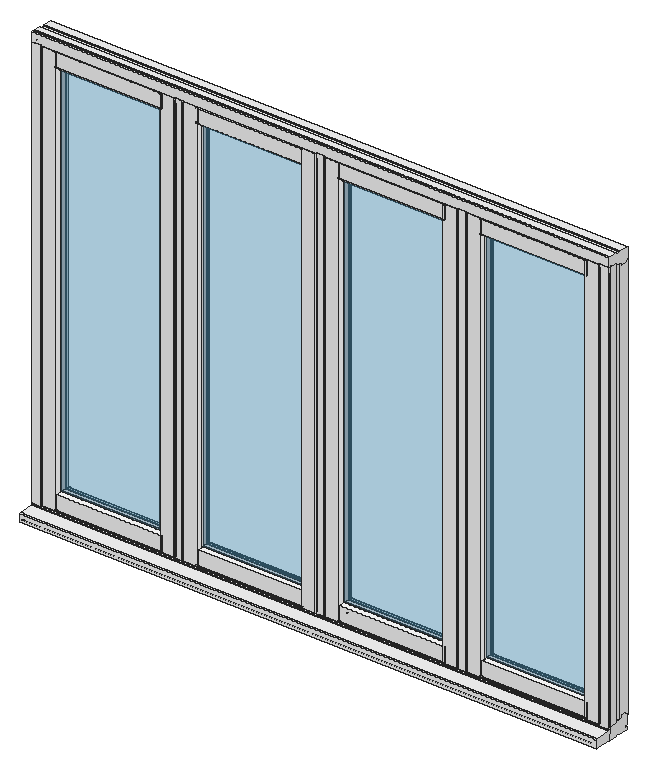
Revit family "C4", category Generic Models, Revit 2012
Parameters (values of type "Window Sill drawing")
  Width = 2358 mm
  Height = 1770 mm
  GlazingPanelMaterial = Glass
  Floor Material = White
Reference planes
  plane 1 "Center (Front/Back)": y = 0
  plane 2: z = 0
  plane 3 "Center (Left/Right)": x = 0
  plane 4: z = 33
  plane 5: x = -1328
  plane 6: x = -149
  plane 7: x = 1030
  plane 8: y = 67
  plane 9: y = -67
  plane 10: z = 1770
  plane 11: z = 117
  plane 12: x = 414
  plane 13: x = 402
  plane 14: z = 60
  plane 15: y = 16.985
  plane 16: z = 1734
  plane 17: z = 1730
  plane 18: x = -1292
  plane 19: x = -1288
  plane 20: x = -132
  plane 21: x = -136
  plane 22: x = -168
  plane 23: x = -164
  plane 24: x = -710
  plane 25: x = -714
  plane 26: z = 1255.81
  plane 27: z = 1251.81
  plane 28: z = 1228.81
  plane 29: z = 1224.81
  plane 30: x = 409.987
  plane 31: x = 994
  plane 32: x = 990
Forms (mm)
  Extrusion 1, solid, not visible
    sketch origin (0, 0, 9.375) x (0, 1, 0) y (0, 0, 1)
      loop
        line (94.662, 311.911) -> (94.314, 312.868) -> (95.314, 312.868) -> (93.454, 317.977) -> (86.115, 317.977) -> (85.011, 317.575) -> (64.143, 317.575) -> (64.143, 311.911) -> (94.662, 311.911)
    from 0 to 250
  Extrusion 2, solid, not visible
    sketch origin (0, 0, 9.375) x (0, 1, 0) y (0, 0, 1)
      loop
        line (93.688, 317.334) -> (85.92, 317.334) -> (87.101, 312.926) -> (95.293, 312.926) -> (93.688, 317.334)
      loop
        line (91.853, 322.376) -> (91.853, 328.194)
        arc (91.853, 328.194) -> (91.424, 329.231) -> (90.388, 329.66) r 1.465
        line (90.388, 329.66) -> (71.853, 329.66) -> (71.853, 322.376) -> (91.853, 322.376)
      loop
        line (73.373, 320.598) -> (64.143, 320.598) -> (64.143, 317.575) -> (73.373, 317.575) -> (73.373, 320.598)
      loop
        line (61.169, 311.884) -> (61.169, 316.884) -> (56.169, 316.884)
        arc (56.169, 316.884) -> (53.926, 317.813) -> (52.996, 320.057) r 3.173
        line (52.996, 320.057) -> (52.996, 327.594)
        arc (52.996, 327.594) -> (53.247, 329.284) -> (54.656, 330.25) r 2.138
        line (54.656, 330.25) -> (56.493, 330.25)
        arc (56.493, 330.25) -> (57.939, 329.727) -> (58.925, 328.548) r 2.95
        line (58.925, 328.548) -> (59.306, 324.922) -> (61.24, 324.922) -> (60.612, 330.901)
        arc (60.612, 330.901) -> (59.723, 332.646) -> (57.894, 333.348) r 2.733
        line (57.894, 333.348) -> (52.423, 333.348)
        arc (52.423, 333.348) -> (50.164, 330.795) -> (49.999, 327.391) r 5.139
        line (49.999, 327.391) -> (47.957, 316.884)
        arc (47.957, 316.884) -> (49.179, 314.507) -> (49.698, 311.884) r 9.583
        line (49.698, 311.884) -> (61.169, 311.884)
    from 0 to 250
  Extrusion 3, solid, not visible
    sketch origin (-848.022, -244.537, 0) x (1, 0, 0) y (0, 1, 0)
      loop
        line (-156.504, 643.402) -> (-146.504, 653.402) -> (-146.504, 655.402) -> (-162.504, 655.402) -> (-162.504, 703.402) -> (-199.504, 703.402)
        arc (-199.504, 703.402) -> (-201.625, 702.524) -> (-202.504, 700.402) r 3
        line (-202.504, 700.402) -> (-202.504, 695.402) -> (-196.504, 695.402) -> (-196.504, 692.402) -> (-202.504, 692.402) -> (-202.504, 679.402) -> (-196.504, 679.402) -> (-196.504, 667.402) -> (-202.504, 667.402) -> (-202.504, 646.402)
        arc (-202.504, 646.402) -> (-201.625, 644.281) -> (-199.504, 643.402) r 3
        line (-199.504, 643.402) -> (-156.504, 643.402)
    from 672 to 1294
  Extrusion 4, solid, not visible
    sketch origin (-848.022, -244.537, 0) x (1, 0, 0) y (0, 1, 0)
      loop
        line (-162.504, 700.402) -> (-162.504, 681.402) -> (-150.504, 681.402) -> (-150.504, 684.402) -> (-146.504, 685.402) -> (-146.504, 689.402) -> (-149.504, 689.402)
        arc (-149.504, 689.402) -> (-151.847, 695.059) -> (-157.504, 697.402) r 8
        line (-157.504, 697.402) -> (-157.504, 700.402) -> (-162.504, 700.402)
    from 672 to 1294
  Extrusion 5, solid, not visible
    sketch origin (-511.418, -643.152, -230) x (1, 0, 0) y (0, 1, 0)
      loop
        line (-200.504, 641.902) -> (-200.504, 638.902) -> (-198.254, 638.902) -> (-198.254, 634.902) -> (-195.818, 634.902) -> (-195.818, 638.902) -> (-193.504, 638.902) -> (-193.504, 641.902) -> (-195.282, 641.902) -> (-195.282, 641.116) -> (-194.482, 641.116) -> (-194.482, 639.814) -> (-199.81, 639.814) -> (-199.81, 641.116) -> (-199.01, 641.116) -> (-199.01, 641.902) -> (-200.504, 641.902)
    from 230 to 852
  Extrusion 6, solid, not visible
    sketch origin (-511.418, -643.152, -140) x (1, 0, 0) y (0, 1, 0)
      loop
        line (-194.482, 639.814) -> (-194.482, 641.116) -> (-199.81, 641.116) -> (-199.81, 639.814) -> (-194.482, 639.814)
    from 140 to 762
  Extrusion 7, solid, not visible
    sketch origin (-511.418, -643.152, 0) x (1, 0, 0) y (0, 1, 0)
      loop
        spline (-199.847, 645.779) -> (-199.478, 645.505) -> (-199.241, 645.183) -> (-199.108, 644.823) -> (-199.048, 644.431) -> (-199.033, 644.016) -> (-199.035, 643.585) -> (-199.023, 643.147) -> (-198.97, 642.709) -> (-198.847, 642.279) -> (-198.624, 641.865) -> (-198.272, 641.475) -> (-197.764, 641.116)
        line (-197.764, 641.116) -> (-196.529, 641.116)
        spline (-196.529, 641.116) -> (-195.991, 641.457) -> (-195.612, 641.839) -> (-195.363, 642.251) -> (-195.215, 642.684) -> (-195.139, 643.129) -> (-195.106, 643.577) -> (-195.086, 644.017) -> (-195.05, 644.441) -> (-194.969, 644.838) -> (-194.814, 645.2) -> (-194.556, 645.517) -> (-194.166, 645.779)
        line (-194.166, 645.779) -> (-199.847, 645.779)
    from 0 to 622
  Extrusion 8, solid, material "White" <- "Floor Material"
    sketch origin (0, -3440.583, 266.929) x (0, 1, 0) y (0, 0, 1)
      loop
        line (3451.083, 1455.128) -> (3435.083, 1455.128)
        arc (3435.083, 1455.128) -> (3433.669, 1454.542) -> (3433.083, 1453.128) r 2
        line (3433.083, 1453.128) -> (3415.083, 1453.128)
        arc (3415.083, 1453.128) -> (3414.498, 1454.542) -> (3413.083, 1455.128) r 2
        line (3413.083, 1455.128) -> (3402.083, 1455.128) -> (3402.083, 1460.128)
        arc (3402.083, 1460.128) -> (3401.205, 1462.249) -> (3399.083, 1463.128) r 3
        line (3399.083, 1463.128) -> (3397.083, 1463.128)
        arc (3397.083, 1463.128) -> (3394.962, 1462.249) -> (3394.083, 1460.128) r 3
        line (3394.083, 1460.128) -> (3394.083, 1405.128) -> (3404.083, 1395.128) -> (3406.083, 1395.128) -> (3406.083, 1411.128) -> (3454.083, 1411.128) -> (3454.083, 1452.128)
        arc (3454.083, 1452.128) -> (3453.205, 1454.249) -> (3451.083, 1455.128) r 3
    from -657.987 to -219.993
  Extrusion 9, solid, material "White" <- "Floor Material"
    sketch origin (0, -3500.599, -3.128) x (0, 1, 0) y (0, 0, 1)
      loop
        line (3457.583, 41.128) -> (3452.583, 41.128) -> (3395.213, 37.105)
        arc (3395.213, 37.105) -> (3393.335, 36.114) -> (3392.583, 34.128) r 3
        line (3392.583, 34.128) -> (3392.583, 3.128) -> (3397.583, 3.128) -> (3397.583, 5.128)
        arc (3397.583, 5.128) -> (3400.583, 8.128) -> (3403.583, 5.128) r 3
        line (3403.583, 5.128) -> (3403.583, 3.128) -> (3452.583, 3.128) -> (3452.583, 26.128) -> (3457.583, 26.128) -> (3457.583, 41.128)
    from -1328 to 1030
  Extrusion 10, solid, material "White" <- "Floor Material"
    sketch origin (0, -3500.599, -3.128) x (0, 1, 0) y (0, 0, 1)
      loop
        line (3546.583, 58.128) -> (3543.583, 58.128)
        arc (3543.583, 58.128) -> (3540.655, 65.199) -> (3533.583, 68.128) r 10
        line (3533.583, 68.128) -> (3533.583, 71.128) -> (3517.583, 71.128) -> (3517.583, 63.128) -> (3523.583, 63.128) -> (3523.583, 60.128) -> (3517.583, 60.128) -> (3517.583, 59.128) -> (3494.583, 56.128) -> (3494.583, 51.128) -> (3454.583, 46.128)
        arc (3454.583, 46.128) -> (3453.169, 45.542) -> (3452.583, 44.128) r 2
        line (3452.583, 44.128) -> (3452.583, 41.128) -> (3457.583, 41.128) -> (3457.583, 26.128) -> (3452.583, 26.128) -> (3452.583, 3.128) -> (3457.583, 3.128) -> (3457.583, 5.128)
        arc (3457.583, 5.128) -> (3460.583, 8.128) -> (3463.583, 5.128) r 3
        line (3463.583, 5.128) -> (3463.583, 3.128) -> (3489.583, 3.128) -> (3489.583, 8.128) -> (3509.583, 8.128) -> (3509.583, 3.128) -> (3546.583, 3.128) -> (3546.583, 13.128) -> (3536.583, 13.128) -> (3536.583, 23.128) -> (3546.583, 23.128) -> (3546.583, 58.128)
    from -1328 to 1030
  Sweep 11, solid, material "White" <- "Floor Material"
    path origin (0, 0, 0) x (1, 0, 0) y (0, 0, 1)
      loop
        line (-1328, 1770) -> (1030, 1770)
    profile origin (-149, 0, 1770) x (0, 0, 1) y (0, -1, 0)
      loop
        line (0, -10) -> (-5, -10) -> (-5, 10) -> (0, 10) -> (0, 36) -> (-2, 36)
        arc (-2, 36) -> (-5, 39) -> (-2, 42) r 3
        line (-2, 42) -> (0, 42) -> (0, 47) -> (-36, 47) -> (-36, 43)
        arc (-36, 43) -> (-34.834, 41.499) -> (-33, 41) r 3
        line (-33, 41) -> (-33, 34.079)
        arc (-33, 34.079) -> (-34.922, 33.441) -> (-36, 31.727) r 3
        line (-36, 31.727) -> (-36, 7) -> (-44, 7) -> (-44, -1) -> (-36, -1) -> (-36, -4) -> (-44, -4) -> (-44, -14) -> (-36, -14) -> (-36, -18) -> (-56, -18) -> (-56, -34) -> (-53, -34)
        arc (-53, -34) -> (-50.071, -41.071) -> (-43, -44) r 10
        line (-43, -44) -> (-43, -47) -> (0, -47) -> (0, -10)
  Extrusion 12, solid, material "White" <- "Floor Material"
    sketch origin (-1476.128, -3440.699, 1654.007) x (0, 1, 0) y (-1, 0, 0)
      loop
        line (3397.083, -1312.128) -> (3393.083, -1312.128) -> (3393.083, -1340.128) -> (3397.083, -1340.128)
        arc (3397.083, -1340.128) -> (3398.498, -1339.542) -> (3399.083, -1338.128) r 2
        line (3399.083, -1338.128) -> (3399.083, -1337.128) -> (3406.083, -1337.128) -> (3406.083, -1338.128)
        arc (3406.083, -1338.128) -> (3406.669, -1339.542) -> (3408.083, -1340.128) r 2
        line (3408.083, -1340.128) -> (3433.083, -1340.128) -> (3433.083, -1346.128) -> (3441.083, -1346.128) -> (3441.083, -1340.128) -> (3444.083, -1340.128) -> (3444.083, -1348.128) -> (3454.083, -1348.128) -> (3454.083, -1340.128) -> (3458.083, -1340.128) -> (3458.083, -1360.128) -> (3474.083, -1360.128) -> (3474.083, -1357.128)
        arc (3474.083, -1357.128) -> (3481.155, -1354.199) -> (3484.083, -1347.128) r 10
        line (3484.083, -1347.128) -> (3487.083, -1347.128) -> (3487.083, -1305.128) -> (3484.083, -1305.128)
        arc (3484.083, -1305.128) -> (3481.155, -1298.057) -> (3474.083, -1295.128) r 10
        line (3474.083, -1295.128) -> (3474.083, -1292.128) -> (3458.083, -1292.128) -> (3458.083, -1312.128) -> (3454.083, -1312.128) -> (3454.083, -1304.128) -> (3444.083, -1304.128) -> (3444.083, -1312.128) -> (3441.083, -1312.128) -> (3441.083, -1306.128) -> (3433.083, -1306.128) -> (3433.083, -1312.128) -> (3408.083, -1312.128)
        arc (3408.083, -1312.128) -> (3406.669, -1312.714) -> (3406.083, -1314.128) r 2
        line (3406.083, -1314.128) -> (3406.083, -1315.128) -> (3399.083, -1315.128) -> (3399.083, -1314.128)
        arc (3399.083, -1314.128) -> (3398.498, -1312.714) -> (3397.083, -1312.128) r 2
    from -1606.007 to 79.993
  Extrusion 13, solid, material "White" <- "Floor Material"
    sketch origin (-300, -3440.583, 266.927) x (0, 1, 0) y (0, 0, -1)
      loop
        arc (3451.083, -1455.128) -> (3453.205, -1454.249) -> (3454.083, -1452.128) r 3
        line (3454.083, -1452.128) -> (3454.083, -1411.128) -> (3406.083, -1411.128) -> (3406.083, -1395.128) -> (3404.083, -1395.128) -> (3394.083, -1405.128) -> (3394.083, -1460.128)
        arc (3394.083, -1460.128) -> (3394.962, -1462.249) -> (3397.083, -1463.128) r 3
        line (3397.083, -1463.128) -> (3399.083, -1463.128)
        arc (3399.083, -1463.128) -> (3401.205, -1462.249) -> (3402.083, -1460.128) r 3
        line (3402.083, -1460.128) -> (3402.083, -1455.128) -> (3413.083, -1455.128)
        arc (3413.083, -1455.128) -> (3414.498, -1454.542) -> (3415.083, -1453.128) r 2
        line (3415.083, -1453.128) -> (3433.083, -1453.128)
        arc (3433.083, -1453.128) -> (3433.669, -1454.542) -> (3435.083, -1455.128) r 2
        line (3435.083, -1455.128) -> (3451.083, -1455.128)
    from -657.92 to -220.093
  Extrusion 14, solid, material "White" <- "Floor Material"
    sketch origin (-300, -3440.199, 1515.078) x (0, 1, 0) y (0, 0, -1)
      loop
        line (3451.083, 1455.128) -> (3435.083, 1455.128)
        arc (3435.083, 1455.128) -> (3433.669, 1454.542) -> (3433.083, 1453.128) r 2
        line (3433.083, 1453.128) -> (3415.083, 1453.128)
        arc (3415.083, 1453.128) -> (3414.498, 1454.542) -> (3413.083, 1455.128) r 2
        line (3413.083, 1455.128) -> (3402.083, 1455.128) -> (3402.083, 1464.078)
        arc (3402.083, 1464.078) -> (3401.205, 1466.2) -> (3399.083, 1467.078) r 3
        line (3399.083, 1467.078) -> (3397.083, 1467.078)
        arc (3397.083, 1467.078) -> (3394.962, 1466.2) -> (3394.083, 1464.078) r 3
        line (3394.083, 1464.078) -> (3394.083, 1405.128) -> (3404.083, 1395.128) -> (3406.083, 1395.128) -> (3406.083, 1411.128) -> (3454.083, 1411.128) -> (3454.083, 1452.128)
        arc (3454.083, 1452.128) -> (3453.205, 1454.249) -> (3451.083, 1455.128) r 3
    from -657.92 to -220.093
  Extrusion 15, solid, material "White" <- "Floor Material"
    sketch origin (0, -3440.583, 1515.128) x (0, 1, 0) y (0, 0, 1)
      loop
        arc (3451.083, -1455.128) -> (3453.205, -1454.249) -> (3454.083, -1452.128) r 3
        line (3454.083, -1452.128) -> (3454.083, -1411.128) -> (3406.083, -1411.128) -> (3406.083, -1395.128) -> (3404.083, -1395.128) -> (3394.083, -1405.128) -> (3394.083, -1464.128)
        arc (3394.083, -1464.128) -> (3394.962, -1466.249) -> (3397.083, -1467.128) r 3
        line (3397.083, -1467.128) -> (3399.083, -1467.128)
        arc (3399.083, -1467.128) -> (3401.205, -1466.249) -> (3402.083, -1464.128) r 3
        line (3402.083, -1464.128) -> (3402.083, -1455.128) -> (3413.083, -1455.128)
        arc (3413.083, -1455.128) -> (3414.498, -1454.542) -> (3415.083, -1453.128) r 2
        line (3415.083, -1453.128) -> (3433.083, -1453.128)
        arc (3433.083, -1453.128) -> (3433.669, -1454.542) -> (3435.083, -1455.128) r 2
        line (3435.083, -1455.128) -> (3451.083, -1455.128)
    from -657.987 to -219.993
  Sweep 16, solid, material "White" <- "Floor Material"
    path origin (16.12, -8, -514.094) x (1, 0, 0) y (0, 0, 1)
      loop
        line (-674, 2192.141) -> (-674, 618.194) -> (-236.22, 618.194) -> (-236.22, 2192.141) -> (-674, 2192.141)
    profile origin (-438.99, -8, 1678.048) x (0, 0, 1) y (0, -1, 0)
      loop
        line (-4.893, -19) -> (0.107, -19) -> (0.107, 0) -> (-11.893, 0) -> (-11.893, -3) -> (-15.893, -4) -> (-15.893, -8) -> (-12.893, -8)
        arc (-12.893, -8) -> (-10.55, -13.657) -> (-4.893, -16) r 8
        line (-4.893, -16) -> (-4.893, -19)
  Extrusion 17, solid, material "White" <- "Floor Material"
    sketch origin (753.141, -3440.699, 1144.02) x (0, 1, 0) y (-1, 0, 0)
      loop
        line (3451.083, 1455.128) -> (3435.083, 1455.128)
        arc (3435.083, 1455.128) -> (3433.669, 1454.542) -> (3433.083, 1453.128) r 2
        line (3433.083, 1453.128) -> (3415.083, 1453.128)
        arc (3415.083, 1453.128) -> (3414.498, 1454.542) -> (3413.083, 1455.128) r 2
        line (3413.083, 1455.128) -> (3402.083, 1455.128) -> (3402.083, 1460.128)
        arc (3402.083, 1460.128) -> (3401.205, 1462.249) -> (3399.083, 1463.128) r 3
        line (3399.083, 1463.128) -> (3397.083, 1463.128)
        arc (3397.083, 1463.128) -> (3394.962, 1462.249) -> (3394.083, 1460.128) r 3
        line (3394.083, 1460.128) -> (3394.083, 1405.128) -> (3404.083, 1395.128) -> (3406.083, 1395.128) -> (3406.083, 1411.128) -> (3454.083, 1411.128) -> (3454.083, 1452.128)
        arc (3454.083, 1452.128) -> (3453.205, 1454.249) -> (3451.083, 1455.128) r 3
    from -1096.143 to 586.038
  Extrusion 18, solid, material "White" <- "Floor Material"
    sketch origin (-1521.128, -3440.699, 1144.02) x (0, 1, 0) y (-1, 0, 0)
      loop
        arc (3451.083, -1345.128) -> (3453.205, -1344.249) -> (3454.083, -1342.128) r 3
        line (3454.083, -1342.128) -> (3454.083, -1301.128) -> (3406.083, -1301.128) -> (3406.083, -1285.128) -> (3404.083, -1285.128) -> (3394.083, -1295.128) -> (3394.083, -1350.128)
        arc (3394.083, -1350.128) -> (3394.962, -1352.249) -> (3397.083, -1353.128) r 3
        line (3397.083, -1353.128) -> (3399.083, -1353.128)
        arc (3399.083, -1353.128) -> (3401.205, -1352.249) -> (3402.083, -1350.128) r 3
        line (3402.083, -1350.128) -> (3402.083, -1345.128) -> (3413.083, -1345.128)
        arc (3413.083, -1345.128) -> (3414.498, -1344.542) -> (3415.083, -1343.128) r 2
        line (3415.083, -1343.128) -> (3433.083, -1343.128)
        arc (3433.083, -1343.128) -> (3433.669, -1344.542) -> (3435.083, -1345.128) r 2
        line (3435.083, -1345.128) -> (3451.083, -1345.128)
    from -1096.02 to 586.038
  Extrusion 19, solid, material "Glass"
    sketch origin (2388.494, -1584.07, -509.987) x (1, 0, 0) y (0, 1, 0)
      loop
        line (-3042.481, 1575.085) -> (-3042.481, 1571.085) -> (-2608.487, 1571.085) -> (-2608.487, 1575.085) -> (-3042.481, 1575.085)
      loop
        line (-3042.481, 1555.085) -> (-3042.481, 1551.085) -> (-2608.487, 1551.085) -> (-2608.487, 1555.085) -> (-3042.481, 1555.085)
    from 617.987 to 2172.044
  Sweep 20, solid
    path origin (16.013, -20.977, -513.987) x (1, 0, 0) y (0, 0, 1)
      loop
        line (-670, 2191.534) -> (-670, 621.987) -> (-240.006, 621.987) -> (-240.006, 2191.534) -> (-670, 2191.534)
    profile origin (-438.99, -20.977, 1677.548) x (0, 0, 1) y (0, -1, 0)
      loop
        line (0, -8) -> (0, 8) -> (-10, 8) -> (-10, -8) -> (0, -8)
  Sweep 21, solid, material "White" <- "Floor Material"
    path origin (593.813, -8, -514.094) x (1, 0, 0) y (0, 0, 1)
      loop
        line (-673.613, 2191.534) -> (-673.613, 618.194) -> (-236, 618.194) -> (-236, 2191.534) -> (-673.613, 2191.534)
    profile origin (139.007, -8, 1677.441) x (0, 0, 1) y (0, -1, 0)
      loop
        line (-4.893, -19) -> (0.107, -19) -> (0.107, 0) -> (-11.893, 0) -> (-11.893, -3) -> (-15.893, -4) -> (-15.893, -8) -> (-12.893, -8)
        arc (-12.893, -8) -> (-10.55, -13.657) -> (-4.893, -16) r 8
        line (-4.893, -16) -> (-4.893, -19)
  Extrusion 22, solid, material "Glass"
    sketch origin (2966.187, -1584.07, -509.987) x (1, 0, 0) y (0, 1, 0)
      loop
        line (-3041.094, 1575.085) -> (-3041.094, 1571.085) -> (-2612.267, 1571.085) -> (-2612.267, 1575.085) -> (-3041.094, 1575.085)
      loop
        line (-3041.96, 1555.085) -> (-3041.96, 1551.085) -> (-2612.267, 1551.085) -> (-2612.267, 1555.085) -> (-3041.96, 1555.085)
    from 617.987 to 2182.534
  Sweep 23, solid
    path origin (593.706, -20.977, -513.987) x (1, 0, 0) y (0, 0, 1)
      loop
        line (-669.479, 2187.987) -> (-669.479, 621.987) -> (-239.786, 621.987) -> (-239.786, 2187.987) -> (-669.479, 2187.987)
    profile origin (139.074, -20.977, 1674) x (0, 0, 1) y (0, -1, 0)
      loop
        line (0, -8) -> (0, 8) -> (-10, 8) -> (-10, -8) -> (0, -8)
  Extrusion 24, solid, material "White" <- "Floor Material"
    sketch origin (-578, -3440.583, 266.929) x (0, 1, 0) y (0, 0, 1)
      loop
        line (3451.083, 1455.128) -> (3435.083, 1455.128)
        arc (3435.083, 1455.128) -> (3433.669, 1454.542) -> (3433.083, 1453.128) r 2
        line (3433.083, 1453.128) -> (3415.083, 1453.128)
        arc (3415.083, 1453.128) -> (3414.498, 1454.542) -> (3413.083, 1455.128) r 2
        line (3413.083, 1455.128) -> (3402.083, 1455.128) -> (3402.083, 1460.128)
        arc (3402.083, 1460.128) -> (3401.205, 1462.249) -> (3399.083, 1463.128) r 3
        line (3399.083, 1463.128) -> (3397.083, 1463.128)
        arc (3397.083, 1463.128) -> (3394.962, 1462.249) -> (3394.083, 1460.128) r 3
        line (3394.083, 1460.128) -> (3394.083, 1405.128) -> (3404.083, 1395.128) -> (3406.083, 1395.128) -> (3406.083, 1411.128) -> (3454.083, 1411.128) -> (3454.083, 1452.128)
        arc (3454.083, 1452.128) -> (3453.205, 1454.249) -> (3451.083, 1455.128) r 3
    from -657.987 to -219.993
  Sweep 25, solid, material "White" <- "Floor Material"
    path origin (-561.88, -8, -4.107) x (1, 0, 0) y (0, 0, 1)
      loop
        line (-674, 1682.007) -> (-674, 108.207) -> (-236.22, 108.207) -> (-236.22, 1682.007) -> (-674, 1682.007)
    profile origin (-1016.99, -8, 1677.9) x (0, 0, 1) y (0, -1, 0)
      loop
        line (-4.893, -19) -> (0.107, -19) -> (0.107, 0) -> (-11.893, 0) -> (-11.893, -3) -> (-15.893, -4) -> (-15.893, -8) -> (-12.893, -8)
        arc (-12.893, -8) -> (-10.55, -13.657) -> (-4.893, -16) r 8
        line (-4.893, -16) -> (-4.893, -19)
  Extrusion 26, solid, material "Glass"
    sketch origin (1810.494, -1584.07, 280) x (1, 0, 0) y (0, 1, 0)
      loop
        line (-3042.481, 1575.085) -> (-3042.481, 1571.085) -> (-2613.487, 1571.085) -> (-2613.487, 1575.085) -> (-3042.481, 1575.085)
      loop
        line (-3042.481, 1555.085) -> (-3042.481, 1551.085) -> (-2613.487, 1551.085) -> (-2613.487, 1555.085) -> (-3042.481, 1555.085)
    from -172.007 to 1393.007
  Sweep 27, solid
    path origin (-561.987, -20.977, 276) x (1, 0, 0) y (0, 0, 1)
      loop
        line (-670, 1398.057) -> (-670, -168.007) -> (-240.013, -168.007) -> (-240.013, 1398.057) -> (-670, 1398.057)
    profile origin (-1016.993, -20.977, 1674.057) x (0, 0, 1) y (0, -1, 0)
      loop
        line (0, -8) -> (0, 8) -> (-10, 8) -> (-10, -8) -> (0, -8)
  Extrusion 28, solid, material "White" <- "Floor Material"
    sketch origin (-2054.128, -3440.699, 1654.007) x (0, 1, 0) y (-1, 0, 0)
      loop
        line (3397.083, -1312.128) -> (3393.083, -1312.128) -> (3393.083, -1340.128) -> (3397.083, -1340.128)
        arc (3397.083, -1340.128) -> (3398.498, -1339.542) -> (3399.083, -1338.128) r 2
        line (3399.083, -1338.128) -> (3399.083, -1337.128) -> (3406.083, -1337.128) -> (3406.083, -1338.128)
        arc (3406.083, -1338.128) -> (3406.669, -1339.542) -> (3408.083, -1340.128) r 2
        line (3408.083, -1340.128) -> (3433.083, -1340.128) -> (3433.083, -1346.128) -> (3441.083, -1346.128) -> (3441.083, -1340.128) -> (3444.083, -1340.128) -> (3444.083, -1348.128) -> (3454.083, -1348.128) -> (3454.083, -1340.128) -> (3458.083, -1340.128) -> (3458.083, -1360.128) -> (3474.083, -1360.128) -> (3474.083, -1357.128)
        arc (3474.083, -1357.128) -> (3481.155, -1354.199) -> (3484.083, -1347.128) r 10
        line (3484.083, -1347.128) -> (3487.083, -1347.128) -> (3487.083, -1305.128) -> (3484.083, -1305.128)
        arc (3484.083, -1305.128) -> (3481.155, -1298.057) -> (3474.083, -1295.128) r 10
        line (3474.083, -1295.128) -> (3474.083, -1292.128) -> (3458.083, -1292.128) -> (3458.083, -1312.128) -> (3454.083, -1312.128) -> (3454.083, -1304.128) -> (3444.083, -1304.128) -> (3444.083, -1312.128) -> (3441.083, -1312.128) -> (3441.083, -1306.128) -> (3433.083, -1306.128) -> (3433.083, -1312.128) -> (3408.083, -1312.128)
        arc (3408.083, -1312.128) -> (3406.669, -1312.714) -> (3406.083, -1314.128) r 2
        line (3406.083, -1314.128) -> (3406.083, -1315.128) -> (3399.083, -1315.128) -> (3399.083, -1314.128)
        arc (3399.083, -1314.128) -> (3398.498, -1312.714) -> (3397.083, -1312.128) r 2
    from -1606.007 to 79.993
  Extrusion 29, solid, material "White" <- "Floor Material"
    sketch origin (-578, -3440.583, 1515.128) x (0, 1, 0) y (0, 0, 1)
      loop
        arc (3451.083, -1455.128) -> (3453.205, -1454.249) -> (3454.083, -1452.128) r 3
        line (3454.083, -1452.128) -> (3454.083, -1411.128) -> (3406.083, -1411.128) -> (3406.083, -1395.128) -> (3404.083, -1395.128) -> (3394.083, -1405.128) -> (3394.083, -1464.128)
        arc (3394.083, -1464.128) -> (3394.962, -1466.249) -> (3397.083, -1467.128) r 3
        line (3397.083, -1467.128) -> (3399.083, -1467.128)
        arc (3399.083, -1467.128) -> (3401.205, -1466.249) -> (3402.083, -1464.128) r 3
        line (3402.083, -1464.128) -> (3402.083, -1455.128) -> (3413.083, -1455.128)
        arc (3413.083, -1455.128) -> (3414.498, -1454.542) -> (3415.083, -1453.128) r 2
        line (3415.083, -1453.128) -> (3433.083, -1453.128)
        arc (3433.083, -1453.128) -> (3433.669, -1454.542) -> (3435.083, -1455.128) r 2
        line (3435.083, -1455.128) -> (3451.083, -1455.128)
    from -657.987 to -219.993
  Sweep 30, solid, material "White" <- "Floor Material"
    path origin (442, 0, 406) x (0, 0, -1) y (1, 0, 0)
      loop
        line (-1328, -1770) -> (406, -1770)
    profile origin (-1328, 0, 867) x (0, -1, 0) y (1, 0, 0)
      loop
        line (-10, 0) -> (-10, 5) -> (10, 5) -> (10, 0) -> (36, 0) -> (36, 2)
        arc (36, 2) -> (39, 5) -> (42, 2) r 3
        line (42, 2) -> (42, 0) -> (47, 0) -> (47, 36) -> (43, 36)
        arc (43, 36) -> (41.499, 34.834) -> (41, 33) r 3
        line (41, 33) -> (34.079, 33)
        arc (34.079, 33) -> (33.441, 34.922) -> (31.727, 36) r 3
        line (31.727, 36) -> (7, 36) -> (7, 44) -> (-1, 44) -> (-1, 36) -> (-4, 36) -> (-4, 44) -> (-14, 44) -> (-14, 36) -> (-18, 36) -> (-18, 56) -> (-34, 56) -> (-34, 53)
        arc (-34, 53) -> (-41.071, 50.071) -> (-44, 43) r 10
        line (-44, 43) -> (-47, 43) -> (-47, 0) -> (-10, 0)
  Sweep 31, solid, material "White" <- "Floor Material"
    path origin (-1320, 0, 406) x (0, 0, -1) y (1, 0, 0)
      loop
        line (-1328, 2350) -> (406, 2350)
    profile origin (1030, 0, 867) x (0, -1, 0) y (1, 0, 0)
      loop
        line (-10, 0) -> (-47, 0) -> (-47, -43) -> (-44, -43)
        arc (-44, -43) -> (-41.071, -50.071) -> (-34, -53) r 10
        line (-34, -53) -> (-34, -56) -> (-18, -56) -> (-18, -36) -> (-14, -36) -> (-14, -44) -> (-4, -44) -> (-4, -36) -> (-1, -36) -> (-1, -44) -> (7, -44) -> (7, -36) -> (31.727, -36)
        arc (31.727, -36) -> (33.441, -34.922) -> (34.079, -33) r 3
        line (34.079, -33) -> (41, -33)
        arc (41, -33) -> (41.499, -34.834) -> (43, -36) r 3
        line (43, -36) -> (47, -36) -> (47, 0) -> (42, 0) -> (42, -2)
        arc (42, -2) -> (39, -5) -> (36, -2) r 3
        line (36, -2) -> (36, 0) -> (10, 0) -> (10, -5) -> (-10, -5) -> (-10, 0)
  Sweep 32, void
    path origin (0, 0, 0) x (1, 0, 0) y (0, 1, 0)
      loop
        line (-1328, -1.015) -> (1030, -1.015)
    profile origin (-149, -1.015, 0) x (0, 1, 0) y (0, 0, 1)
      loop
        line (47, 55) -> (44, 55)
        arc (44, 55) -> (41.071, 62.071) -> (34, 65) r 10
        line (34, 65) -> (34, 68) -> (18, 68) -> (18, 60) -> (24, 60) -> (24, 57) -> (18, 57) -> (18, 56) -> (-5, 53) -> (-5, 48) -> (-45, 43)
        arc (-45, 43) -> (-46.414, 42.414) -> (-47, 41) r 2
        line (-47, 41) -> (-47, 38) -> (-79.364, 33.978) -> (-104.37, 30.977) -> (-129.37, 27.977)
        arc (-129.37, 27.977) -> (-131.248, 26.986) -> (-132, 25) r 3
        line (-132, 25) -> (-132, -5) -> (58, -5) -> (58, 55) -> (47, 55)
  Extrusion 33, solid, material "White" <- "Floor Material"
    sketch origin (-943.141, -3440.699, 1144.02) x (0, 1, 0) y (-1, 0, 0)
      loop
        arc (3451.083, -1345.128) -> (3453.205, -1344.249) -> (3454.083, -1342.128) r 3
        line (3454.083, -1342.128) -> (3454.083, -1301.128) -> (3406.083, -1301.128) -> (3406.083, -1285.128) -> (3404.083, -1285.128) -> (3394.083, -1295.128) -> (3394.083, -1350.128)
        arc (3394.083, -1350.128) -> (3394.962, -1352.249) -> (3397.083, -1353.128) r 3
        line (3397.083, -1353.128) -> (3399.083, -1353.128)
        arc (3399.083, -1353.128) -> (3401.205, -1352.249) -> (3402.083, -1350.128) r 3
        line (3402.083, -1350.128) -> (3402.083, -1345.128) -> (3413.083, -1345.128)
        arc (3413.083, -1345.128) -> (3414.498, -1344.542) -> (3415.083, -1343.128) r 2
        line (3415.083, -1343.128) -> (3433.083, -1343.128)
        arc (3433.083, -1343.128) -> (3433.669, -1344.542) -> (3435.083, -1345.128) r 2
        line (3435.083, -1345.128) -> (3451.083, -1345.128)
    from -1096.02 to 586.036
  Extrusion 34, solid, material "White" <- "Floor Material"
    sketch origin (1220.9, -3440.699, 1144.02) x (0, 1, 0) y (-1, 0, 0)
      loop
        line (3451.083, 1345.128) -> (3435.083, 1345.128)
        arc (3435.083, 1345.128) -> (3433.669, 1344.542) -> (3433.083, 1343.128) r 2
        line (3433.083, 1343.128) -> (3415.083, 1343.128)
        arc (3415.083, 1343.128) -> (3414.498, 1344.542) -> (3413.083, 1345.128) r 2
        line (3413.083, 1345.128) -> (3402.083, 1345.128) -> (3402.083, 1350.128)
        arc (3402.083, 1350.128) -> (3401.205, 1352.249) -> (3399.083, 1353.128) r 3
        line (3399.083, 1353.128) -> (3397.083, 1353.128)
        arc (3397.083, 1353.128) -> (3394.962, 1352.249) -> (3394.083, 1350.128) r 3
        line (3394.083, 1350.128) -> (3394.083, 1295.128) -> (3404.083, 1285.128) -> (3406.083, 1285.128) -> (3406.083, 1301.128) -> (3454.083, 1301.128) -> (3454.083, 1342.128)
        arc (3454.083, 1342.128) -> (3453.205, 1344.249) -> (3451.083, 1345.128) r 3
    from -1096.02 to 586.038
  Extrusion 35, solid, material "White" <- "Floor Material"
    sketch origin (65.141, -3440.699, 1144.02) x (0, 1, 0) y (-1, 0, 0)
      loop
        line (3451.083, 1345.128) -> (3435.083, 1345.128)
        arc (3435.083, 1345.128) -> (3433.669, 1344.542) -> (3433.083, 1343.128) r 2
        line (3433.083, 1343.128) -> (3415.083, 1343.128)
        arc (3415.083, 1343.128) -> (3414.498, 1344.542) -> (3413.083, 1345.128) r 2
        line (3413.083, 1345.128) -> (3402.083, 1345.128) -> (3402.083, 1350.128)
        arc (3402.083, 1350.128) -> (3401.205, 1352.249) -> (3399.083, 1353.128) r 3
        line (3399.083, 1353.128) -> (3397.083, 1353.128)
        arc (3397.083, 1353.128) -> (3394.962, 1352.249) -> (3394.083, 1350.128) r 3
        line (3394.083, 1350.128) -> (3394.083, 1295.128) -> (3404.083, 1285.128) -> (3406.083, 1285.128) -> (3406.083, 1301.128) -> (3454.083, 1301.128) -> (3454.083, 1342.128)
        arc (3454.083, 1342.128) -> (3453.205, 1344.249) -> (3451.083, 1345.128) r 3
    from -1096.02 to 586.038
  Extrusion 36, solid, material "White" <- "Floor Material"
    sketch origin (-2098.9, -3440.699, 1144.02) x (0, 1, 0) y (-1, 0, 0)
      loop
        arc (3451.083, -1345.128) -> (3453.205, -1344.249) -> (3454.083, -1342.128) r 3
        line (3454.083, -1342.128) -> (3454.083, -1301.128) -> (3406.083, -1301.128) -> (3406.083, -1285.128) -> (3404.083, -1285.128) -> (3394.083, -1295.128) -> (3394.083, -1350.128)
        arc (3394.083, -1350.128) -> (3394.962, -1352.249) -> (3397.083, -1353.128) r 3
        line (3397.083, -1353.128) -> (3399.083, -1353.128)
        arc (3399.083, -1353.128) -> (3401.205, -1352.249) -> (3402.083, -1350.128) r 3
        line (3402.083, -1350.128) -> (3402.083, -1345.128) -> (3413.083, -1345.128)
        arc (3413.083, -1345.128) -> (3414.498, -1344.542) -> (3415.083, -1343.128) r 2
        line (3415.083, -1343.128) -> (3433.083, -1343.128)
        arc (3433.083, -1343.128) -> (3433.669, -1344.542) -> (3435.083, -1345.128) r 2
        line (3435.083, -1345.128) -> (3451.083, -1345.128)
    from -1096.02 to 586.038
  Extrusion 37, solid, material "White" <- "Floor Material"
    sketch origin (280.013, -3440.583, 266.874) x (0, 1, 0) y (0, 0, -1)
      loop
        arc (3451.083, -1455.128) -> (3453.205, -1454.249) -> (3454.083, -1452.128) r 3
        line (3454.083, -1452.128) -> (3454.083, -1411.128) -> (3406.083, -1411.128) -> (3406.083, -1395.128) -> (3404.083, -1395.128) -> (3394.083, -1405.128) -> (3394.083, -1460.128)
        arc (3394.083, -1460.128) -> (3394.962, -1462.249) -> (3397.083, -1463.128) r 3
        line (3397.083, -1463.128) -> (3399.083, -1463.128)
        arc (3399.083, -1463.128) -> (3401.205, -1462.249) -> (3402.083, -1460.128) r 3
        line (3402.083, -1460.128) -> (3402.083, -1455.128) -> (3413.083, -1455.128)
        arc (3413.083, -1455.128) -> (3414.498, -1454.542) -> (3415.083, -1453.128) r 2
        line (3415.083, -1453.128) -> (3433.083, -1453.128)
        arc (3433.083, -1453.128) -> (3433.669, -1454.542) -> (3435.083, -1455.128) r 2
        line (3435.083, -1455.128) -> (3451.083, -1455.128)
    from -657.92 to -220.093
  Extrusion 38, solid, material "White" <- "Floor Material"
    sketch origin (280.013, -3440.199, 1515.078) x (0, 1, 0) y (0, 0, -1)
      loop
        line (3451.083, 1455.128) -> (3435.083, 1455.128)
        arc (3435.083, 1455.128) -> (3433.669, 1454.542) -> (3433.083, 1453.128) r 2
        line (3433.083, 1453.128) -> (3415.083, 1453.128)
        arc (3415.083, 1453.128) -> (3414.498, 1454.542) -> (3413.083, 1455.128) r 2
        line (3413.083, 1455.128) -> (3402.083, 1455.128) -> (3402.083, 1464.078)
        arc (3402.083, 1464.078) -> (3401.205, 1466.2) -> (3399.083, 1467.078) r 3
        line (3399.083, 1467.078) -> (3397.083, 1467.078)
        arc (3397.083, 1467.078) -> (3394.962, 1466.2) -> (3394.083, 1464.078) r 3
        line (3394.083, 1464.078) -> (3394.083, 1405.128) -> (3404.083, 1395.128) -> (3406.083, 1395.128) -> (3406.083, 1411.128) -> (3454.083, 1411.128) -> (3454.083, 1452.128)
        arc (3454.083, 1452.128) -> (3453.205, 1454.249) -> (3451.083, 1455.128) r 3
    from -657.92 to -219.773
  Sweep 39, solid, material "White" <- "Floor Material"
    path origin (1173.827, -8, -514.094) x (1, 0, 0) y (0, 0, 1)
      loop
        line (-673.613, 2191.534) -> (-673.613, 618.194) -> (-236, 618.194) -> (-236, 2191.534) -> (-673.613, 2191.534)
    profile origin (719.02, -8, 1677.441) x (0, 0, 1) y (0, -1, 0)
      loop
        line (-4.893, -19) -> (0.107, -19) -> (0.107, 0) -> (-11.893, 0) -> (-11.893, -3) -> (-15.893, -4) -> (-15.893, -8) -> (-12.893, -8)
        arc (-12.893, -8) -> (-10.55, -13.657) -> (-4.893, -16) r 8
        line (-4.893, -16) -> (-4.893, -19)
  Extrusion 40, solid, material "Glass"
    sketch origin (3546.201, -1584.07, -509.987) x (1, 0, 0) y (0, 1, 0)
      loop
        line (-3041.094, 1575.085) -> (-3041.094, 1571.085) -> (-2612.267, 1571.085) -> (-2612.267, 1575.085) -> (-3041.094, 1575.085)
      loop
        line (-3041.96, 1555.085) -> (-3041.96, 1551.085) -> (-2612.267, 1551.085) -> (-2612.267, 1555.085) -> (-3041.96, 1555.085)
    from 617.987 to 2182.534
  Sweep 41, solid
    path origin (1173.72, -20.977, -513.987) x (1, 0, 0) y (0, 0, 1)
      loop
        line (-669.479, 2187.987) -> (-669.479, 621.987) -> (-239.786, 621.987) -> (-239.786, 2187.987) -> (-669.479, 2187.987)
    profile origin (719.087, -20.977, 1674) x (0, 0, 1) y (0, -1, 0)
      loop
        line (0, -8) -> (0, 8) -> (-10, 8) -> (-10, -8) -> (0, -8)
  Extrusion 42, solid, material "White" <- "Floor Material"
    sketch origin (-363.128, -3440.699, 1144.02) x (0, 1, 0) y (-1, 0, 0)
      loop
        arc (3451.083, -1345.128) -> (3453.205, -1344.249) -> (3454.083, -1342.128) r 3
        line (3454.083, -1342.128) -> (3454.083, -1301.128) -> (3406.083, -1301.128) -> (3406.083, -1285.128) -> (3404.083, -1285.128) -> (3394.083, -1295.128) -> (3394.083, -1350.128)
        arc (3394.083, -1350.128) -> (3394.962, -1352.249) -> (3397.083, -1353.128) r 3
        line (3397.083, -1353.128) -> (3399.083, -1353.128)
        arc (3399.083, -1353.128) -> (3401.205, -1352.249) -> (3402.083, -1350.128) r 3
        line (3402.083, -1350.128) -> (3402.083, -1345.128) -> (3413.083, -1345.128)
        arc (3413.083, -1345.128) -> (3414.498, -1344.542) -> (3415.083, -1343.128) r 2
        line (3415.083, -1343.128) -> (3433.083, -1343.128)
        arc (3433.083, -1343.128) -> (3433.669, -1344.542) -> (3435.083, -1345.128) r 2
        line (3435.083, -1345.128) -> (3451.083, -1345.128)
    from -1096.02 to 585.98
  Extrusion 43, solid, material "White" <- "Floor Material"
    sketch origin (1800.914, -3440.699, 1144.02) x (0, 1, 0) y (-1, 0, 0)
      loop
        line (3451.083, 1345.128) -> (3435.083, 1345.128)
        arc (3435.083, 1345.128) -> (3433.669, 1344.542) -> (3433.083, 1343.128) r 2
        line (3433.083, 1343.128) -> (3415.083, 1343.128)
        arc (3415.083, 1343.128) -> (3414.498, 1344.542) -> (3413.083, 1345.128) r 2
        line (3413.083, 1345.128) -> (3402.083, 1345.128) -> (3402.083, 1350.128)
        arc (3402.083, 1350.128) -> (3401.205, 1352.249) -> (3399.083, 1353.128) r 3
        line (3399.083, 1353.128) -> (3397.083, 1353.128)
        arc (3397.083, 1353.128) -> (3394.962, 1352.249) -> (3394.083, 1350.128) r 3
        line (3394.083, 1350.128) -> (3394.083, 1295.128) -> (3404.083, 1285.128) -> (3406.083, 1285.128) -> (3406.083, 1301.128) -> (3454.083, 1301.128) -> (3454.083, 1342.128)
        arc (3454.083, 1342.128) -> (3453.205, 1344.249) -> (3451.083, 1345.128) r 3
    from -1096.02 to 585.98
  Extrusion 44, solid, material "White" <- "Floor Material"
    sketch origin (1756.128, -3440.699, 1654.007) x (0, 1, 0) y (-1, 0, 0)
      loop
        arc (3397.083, 1312.128) -> (3398.498, 1312.714) -> (3399.083, 1314.128) r 2
        line (3399.083, 1314.128) -> (3399.083, 1315.128) -> (3406.083, 1315.128) -> (3406.083, 1314.128)
        arc (3406.083, 1314.128) -> (3406.669, 1312.714) -> (3408.083, 1312.128) r 2
        line (3408.083, 1312.128) -> (3433.083, 1312.128) -> (3433.083, 1306.128) -> (3441.083, 1306.128) -> (3441.083, 1312.128) -> (3444.083, 1312.128) -> (3444.083, 1304.128) -> (3454.083, 1304.128) -> (3454.083, 1312.128) -> (3458.083, 1312.128) -> (3458.083, 1292.128) -> (3474.083, 1292.128) -> (3474.083, 1295.128)
        arc (3474.083, 1295.128) -> (3481.155, 1298.057) -> (3484.083, 1305.128) r 10
        line (3484.083, 1305.128) -> (3487.083, 1305.128) -> (3487.083, 1347.128) -> (3484.083, 1347.128)
        arc (3484.083, 1347.128) -> (3481.155, 1354.199) -> (3474.083, 1357.128) r 10
        line (3474.083, 1357.128) -> (3474.083, 1360.128) -> (3458.083, 1360.128) -> (3458.083, 1340.128) -> (3454.083, 1340.128) -> (3454.083, 1348.128) -> (3444.083, 1348.128) -> (3444.083, 1340.128) -> (3441.083, 1340.128) -> (3441.083, 1346.128) -> (3433.083, 1346.128) -> (3433.083, 1340.128) -> (3408.083, 1340.128)
        arc (3408.083, 1340.128) -> (3406.669, 1339.542) -> (3406.083, 1338.128) r 2
        line (3406.083, 1338.128) -> (3406.083, 1337.128) -> (3399.083, 1337.128) -> (3399.083, 1338.128)
        arc (3399.083, 1338.128) -> (3398.498, 1339.542) -> (3397.083, 1340.128) r 2
        line (3397.083, 1340.128) -> (3393.083, 1340.128) -> (3393.083, 1312.128) -> (3397.083, 1312.128)
    from -1606.007 to 79.993
Cuts and joins
  Sweep 32 cuts Extrusion 12
  Sweep 32 cuts Extrusion 18
  Sweep 32 cuts Extrusion 28
  Sweep 32 cuts Sweep 30
  Sweep 32 cuts Sweep 31
Dimensions and locks
  plane 11 to level = 117 mm
  "Height": plane 10 to level
  "Width": plane 5 to plane 7
  plane 5 to plane 7 = 2358 mm
  plane 14 to level = 60 mm
  plane 10 to plane 16 = 36 mm
  equal spacing: plane 5, plane 6, plane 7
  aligned and locked: level to plane 2
  aligned and locked: Sweep 11 sketch curve to plane 10
  aligned and locked: plane 5 to Sweep 11 sketch curve
  aligned and locked: plane 7 to Sweep 11 sketch curve
Automatic sketch dimensions
  Extrusion 8 sketch curve to plane 17 = 2.943 mm  (x2)
  plane 9 to Extrusion 8 sketch curve = 20.5 mm
  plane 17 to Extrusion 8 sketch curve = 0.057 mm
  Extrusion 8 sketch curve to Extrusion 8 sketch curve = 2 mm  (x4)
  Extrusion 8 sketch curve to Extrusion 8 sketch curve = 10 mm  (x2)
  Extrusion 8 sketch curve to Extrusion 8 sketch curve = 11 mm
  plane 1 "Center (Front/Back)" to Extrusion 8 sketch curve = 7.5 mm
  Extrusion 8 sketch curve to plane 15 = 6.485 mm
  Extrusion 8 sketch curve to Extrusion 8 sketch curve = 3 mm
  Extrusion 8 sketch curve to plane 17 = 7.943 mm
  Extrusion 8 sketch curve to Extrusion 8 sketch curve = 42 mm
  Extrusion 8 sketch curve to Extrusion 8 sketch curve = 6 mm
  Extrusion 9 sketch curve to level = 0 mm  (x2)
  Extrusion 9 sketch curve to plane 4 = 2 mm
  Extrusion 9 sketch curve to plane 9 = 41.015 mm
  plane 4 to Extrusion 9 sketch curve = 0.977 mm
  Extrusion 9 sketch curve to Extrusion 9 sketch curve = 2.63 mm
  Extrusion 9 sketch curve to Extrusion 9 sketch curve = 5 mm  (x2)
  level to Extrusion 9 sketch curve = 2 mm
  Extrusion 9 sketch curve to Extrusion 9 sketch curve = 3 mm
  plane 9 to Extrusion 9 sketch curve = 18.985 mm
  plane 4 to Extrusion 9 sketch curve = 5 mm
  Extrusion 9 sketch curve to Extrusion 9 sketch curve = 0 mm
  Extrusion 9 sketch curve to plane 4 = 10 mm
  Extrusion 10 sketch curve to level = 0 mm  (x3)
  Extrusion 10 sketch curve to plane 15 = 0 mm  (x2)
  Extrusion 10 sketch curve to plane 14 = 0 mm
  Extrusion 10 sketch curve to plane 15 = 8 mm
  plane 1 "Center (Front/Back)" to Extrusion 10 sketch curve = 6.015 mm
  level to Extrusion 10 sketch curve = 5 mm
  plane 1 "Center (Front/Back)" to Extrusion 10 sketch curve = 11.015 mm
  Extrusion 10 sketch curve to Extrusion 10 sketch curve = 26 mm
  Extrusion 10 sketch curve to Extrusion 10 sketch curve = 3 mm  (x5)
  Extrusion 10 sketch curve to plane 4 = 10 mm
  Extrusion 10 sketch curve to Extrusion 10 sketch curve = 0 mm
  Extrusion 10 sketch curve to Extrusion 10 sketch curve = 5 mm  (x2)
  Extrusion 10 sketch curve to Extrusion 10 sketch curve = 2 mm
  Extrusion 10 sketch curve to Extrusion 10 sketch curve = 6 mm
  plane 14 to Extrusion 10 sketch curve = 5 mm
  Extrusion 10 sketch curve to Extrusion 10 sketch curve = 10 mm  (x3)
  plane 15 to Extrusion 10 sketch curve = 19 mm
  Extrusion 10 sketch curve to plane 14 = 5 mm
  level to Extrusion 10 sketch curve = 2 mm
  level to Extrusion 10 sketch curve = 10 mm
  plane 4 to Extrusion 10 sketch curve = 5 mm
  Extrusion 10 sketch curve to plane 14 = 12 mm
  Extrusion 10 sketch curve to Extrusion 10 sketch curve = 4 mm
  plane 14 to Extrusion 10 sketch curve = 8 mm
  profile plane to Sweep 11 sketch curve = 0 mm  (x3)
  Sweep 11 sketch curve to Sweep 11 sketch curve = 2 mm  (x2)
  Sweep 11 sketch curve to Sweep 11 sketch curve = 5 mm  (x2)
  Sweep 11 sketch curve to Sweep 11 sketch curve = 31 mm
  Sweep 11 sketch curve to Sweep 11 sketch curve = 0.071 mm
  Sweep 11 sketch curve to Sweep 11 sketch curve = 0.17 mm
  profile plane to Sweep 11 sketch curve = 7 mm
  Sweep 11 sketch curve to Sweep 11 sketch curve = 2.929 mm
  Sweep 11 sketch curve to Sweep 11 sketch curve = 2.83 mm
  Sweep 11 sketch curve to profile plane = 1 mm
  Sweep 11 sketch curve to Sweep 11 sketch curve = 0 mm  (x3)
  Sweep 11 sketch curve to Sweep 11 sketch curve = 7 mm
  Sweep 11 sketch curve to Sweep 11 sketch curve = 8 mm
  Sweep 11 sketch curve to Sweep 11 sketch curve = 10 mm  (x2)
  Sweep 11 sketch curve to Sweep 11 sketch curve = 3 mm  (x4)
  Sweep 11 sketch curve to profile plane = 10 mm
  Sweep 11 sketch curve to Sweep 11 sketch curve = 4 mm
  Sweep 11 sketch curve to Sweep 11 sketch curve = 16 mm
  profile plane to Sweep 11 sketch curve = 10 mm
  Sweep 11 sketch curve to Sweep 11 sketch curve = 24.08 mm
  Sweep 11 sketch curve to Sweep 11 sketch curve = 0.647 mm
  Sweep 11 sketch curve to Sweep 11 sketch curve = 26 mm
  Sweep 11 sketch curve to Sweep 11 sketch curve = 6.921 mm
  Extrusion 12 sketch curve to plane 23 = 0 mm  (x4)
  Extrusion 12 sketch curve to plane 21 = 0 mm  (x4)
  plane 9 to Extrusion 12 sketch curve = 19.384 mm
  Extrusion 12 sketch curve to Extrusion 12 sketch curve = 4 mm  (x2)
  Extrusion 12 sketch curve to plane 21 = 2 mm
  Extrusion 12 sketch curve to Extrusion 12 sketch curve = 2 mm  (x2)
  Extrusion 12 sketch curve to Extrusion 12 sketch curve = 7 mm  (x2)
  Extrusion 12 sketch curve to plane 23 = 2 mm
  plane 22 to Extrusion 12 sketch curve = 2 mm
  plane 1 "Center (Front/Back)" to Extrusion 12 sketch curve = 7.616 mm  (x2)
  plane 20 to Extrusion 12 sketch curve = 2 mm
  Extrusion 12 sketch curve to plane 1 "Center (Front/Back)" = 0.384 mm  (x2)
  Extrusion 12 sketch curve to Extrusion 12 sketch curve = 3 mm  (x3)
  Extrusion 12 sketch curve to plane 1 "Center (Front/Back)" = 3.384 mm
  Extrusion 12 sketch curve to plane 15 = 3.601 mm  (x2)
  plane 15 to Extrusion 12 sketch curve = 0.399 mm  (x2)
  plane 20 to Extrusion 12 sketch curve = 3 mm
  plane 15 to Extrusion 12 sketch curve = 16.399 mm
  Extrusion 12 sketch curve to Extrusion 12 sketch curve = 16 mm
  plane 22 to Extrusion 12 sketch curve = 3 mm
  Extrusion 12 sketch curve to Extrusion 12 sketch curve = 10 mm  (x2)
  plane 20 to Extrusion 12 sketch curve = 16 mm
  plane 20 to Extrusion 12 sketch curve = 4 mm
  Extrusion 12 sketch curve to Extrusion 12 sketch curve = 1 mm  (x2)
  plane 22 to Extrusion 12 sketch curve = 4 mm
  Extrusion 13 sketch curve to plane 17 = 2.945 mm
  plane 9 to Extrusion 13 sketch curve = 20.5 mm
  plane 17 to Extrusion 13 sketch curve = 0.055 mm
  Extrusion 13 sketch curve to Extrusion 13 sketch curve = 2 mm  (x4)
  Extrusion 13 sketch curve to Extrusion 13 sketch curve = 3 mm  (x2)
  Extrusion 13 sketch curve to Extrusion 13 sketch curve = 10 mm  (x2)
  Extrusion 13 sketch curve to Extrusion 13 sketch curve = 11 mm
  plane 1 "Center (Front/Back)" to Extrusion 13 sketch curve = 7.5 mm
  Extrusion 13 sketch curve to plane 15 = 6.485 mm
  Extrusion 13 sketch curve to plane 17 = 7.945 mm
  Extrusion 13 sketch curve to Extrusion 13 sketch curve = 41 mm
  Extrusion 13 sketch curve to Extrusion 13 sketch curve = 6 mm
  Extrusion 14 sketch curve to plane 14 = 9 mm
  plane 9 to Extrusion 14 sketch curve = 20.884 mm
  Extrusion 14 sketch curve to Extrusion 14 sketch curve = 3 mm  (x2)
  Extrusion 14 sketch curve to Extrusion 14 sketch curve = 2 mm  (x4)
  plane 11 to Extrusion 14 sketch curve = 2.951 mm
  Extrusion 14 sketch curve to Extrusion 14 sketch curve = 10 mm
  plane 14 to Extrusion 14 sketch curve = 1.951 mm
  Extrusion 14 sketch curve to Extrusion 14 sketch curve = 11 mm
  plane 1 "Center (Front/Back)" to Extrusion 14 sketch curve = 7.116 mm
  plane 14 to Extrusion 14 sketch curve = 2.951 mm
  Extrusion 14 sketch curve to plane 15 = 6.101 mm
  Extrusion 14 sketch curve to plane 11 = 7.049 mm
  Extrusion 14 sketch curve to plane 11 = 13.049 mm
  Extrusion 15 sketch curve to plane 14 = 0 mm  (x2)
  plane 9 to Extrusion 15 sketch curve = 20.5 mm
  Extrusion 15 sketch curve to Extrusion 15 sketch curve = 3 mm  (x2)
  Extrusion 15 sketch curve to Extrusion 15 sketch curve = 2 mm  (x2)
  plane 11 to Extrusion 15 sketch curve = 3 mm
  Extrusion 15 sketch curve to Extrusion 15 sketch curve = 10 mm
  plane 14 to Extrusion 15 sketch curve = 2 mm
  Extrusion 15 sketch curve to Extrusion 15 sketch curve = 11 mm
  plane 1 "Center (Front/Back)" to Extrusion 15 sketch curve = 7.5 mm
  plane 14 to Extrusion 15 sketch curve = 3 mm
  Extrusion 15 sketch curve to plane 15 = 6.485 mm
  Extrusion 15 sketch curve to plane 14 = 9 mm
  Extrusion 15 sketch curve to plane 11 = 13 mm
  Extrusion 15 sketch curve to plane 11 = 7 mm
  Sweep 16 sketch curve to plane 11 = 12.9 mm
  Sweep 16 sketch curve to plane 24 = 52.12 mm
  plane 22 to Sweep 16 sketch curve = 52.1 mm
  plane 29 to Sweep 16 sketch curve = 453.238 mm
  Sweep 16 sketch curve to profile plane = 0 mm
  Sweep 16 sketch curve to profile plane = 8 mm
  profile plane to Sweep 16 sketch curve = 15.893 mm
  Sweep 16 sketch curve to Sweep 16 sketch curve = 3 mm  (x3)
  Sweep 16 sketch curve to Sweep 16 sketch curve = 4 mm  (x2)
  profile plane to Sweep 16 sketch curve = 4.893 mm
  Sweep 16 sketch curve to profile plane = 0.107 mm
  Extrusion 17 sketch curve to plane 24 = 3.013 mm
  plane 9 to Extrusion 17 sketch curve = 20.384 mm
  Extrusion 17 sketch curve to plane 24 = 0.013 mm
  Extrusion 17 sketch curve to Extrusion 17 sketch curve = 2 mm  (x4)
  Extrusion 17 sketch curve to Extrusion 17 sketch curve = 3 mm  (x2)
  Extrusion 17 sketch curve to Extrusion 17 sketch curve = 10 mm  (x2)
  Extrusion 17 sketch curve to Extrusion 17 sketch curve = 11 mm
  plane 1 "Center (Front/Back)" to Extrusion 17 sketch curve = 7.616 mm
  Extrusion 17 sketch curve to plane 15 = 6.601 mm
  Extrusion 17 sketch curve to plane 24 = 8.013 mm
  Extrusion 17 sketch curve to Extrusion 17 sketch curve = 42 mm
  Extrusion 17 sketch curve to Extrusion 17 sketch curve = 6 mm
  Extrusion 18 sketch curve to plane 22 = 0 mm
  plane 22 to Extrusion 18 sketch curve = 3 mm  (x2)
  plane 9 to Extrusion 18 sketch curve = 20.384 mm
  Extrusion 18 sketch curve to Extrusion 18 sketch curve = 2 mm  (x4)
  Extrusion 18 sketch curve to Extrusion 18 sketch curve = 10 mm  (x2)
  Extrusion 18 sketch curve to Extrusion 18 sketch curve = 11 mm
  plane 1 "Center (Front/Back)" to Extrusion 18 sketch curve = 7.616 mm
  Extrusion 18 sketch curve to plane 15 = 6.601 mm
  Extrusion 18 sketch curve to Extrusion 18 sketch curve = 3 mm
  plane 22 to Extrusion 18 sketch curve = 8 mm
  Extrusion 18 sketch curve to Extrusion 18 sketch curve = 41 mm
  Extrusion 18 sketch curve to Extrusion 18 sketch curve = 6 mm
  plane 1 "Center (Front/Back)" to Extrusion 19 sketch curve = 8.984 mm
  Extrusion 19 sketch curve to plane 24 = 56.013 mm
  Extrusion 19 sketch curve to Extrusion 19 sketch curve = 0 mm  (x2)
  plane 22 to Extrusion 19 sketch curve = 51.993 mm
  Extrusion 19 sketch curve to Extrusion 19 sketch curve = 4 mm  (x2)
  Extrusion 19 sketch curve to Extrusion 19 sketch curve = 16 mm
  Sweep 20 sketch curve to plane 11 = 9 mm
  Sweep 20 sketch curve to plane 24 = 56.013 mm
  plane 22 to Sweep 20 sketch curve = 55.993 mm
  plane 29 to Sweep 20 sketch curve = 452.738 mm
  profile plane to Sweep 20 sketch curve = 0 mm
  Sweep 20 sketch curve to Sweep 20 sketch curve = 10 mm
  Sweep 20 sketch curve to profile plane = 8 mm
  profile plane to Sweep 20 sketch curve = 8 mm
  Sweep 21 sketch curve to plane 11 = 12.9 mm
  plane 20 to Sweep 21 sketch curve = 52.2 mm
  Sweep 21 sketch curve to plane 13 = 44.187 mm
  Sweep 21 sketch curve to plane 17 = 52.559 mm
  Sweep 21 sketch curve to profile plane = 0 mm
  Sweep 21 sketch curve to profile plane = 8 mm
  profile plane to Sweep 21 sketch curve = 15.893 mm
  Sweep 21 sketch curve to Sweep 21 sketch curve = 3 mm  (x3)
  Sweep 21 sketch curve to Sweep 21 sketch curve = 4 mm  (x2)
  profile plane to Sweep 21 sketch curve = 4.893 mm
  Sweep 21 sketch curve to profile plane = 0.107 mm
  plane 20 to Extrusion 22 sketch curve = 56.227 mm
  Extrusion 22 sketch curve to Extrusion 22 sketch curve = 0.866 mm
  Extrusion 22 sketch curve to plane 13 = 48.08 mm
  plane 1 "Center (Front/Back)" to Extrusion 22 sketch curve = 8.984 mm
  Extrusion 22 sketch curve to Extrusion 22 sketch curve = 0 mm
  Extrusion 22 sketch curve to Extrusion 22 sketch curve = 4 mm  (x2)
  Extrusion 22 sketch curve to Extrusion 22 sketch curve = 16 mm
  Sweep 23 sketch curve to plane 11 = 9 mm
  plane 20 to Sweep 23 sketch curve = 56.227 mm
  Sweep 23 sketch curve to plane 13 = 48.08 mm
  Sweep 23 sketch curve to plane 17 = 56 mm
  profile plane to Sweep 23 sketch curve = 0 mm
  profile plane to Sweep 23 sketch curve = 10 mm
  Sweep 23 sketch curve to profile plane = 8 mm
  profile plane to Sweep 23 sketch curve = 8 mm
  Extrusion 24 sketch curve to plane 17 = 2.943 mm  (x2)
  plane 9 to Extrusion 24 sketch curve = 20.5 mm
  plane 17 to Extrusion 24 sketch curve = 0.057 mm
  Extrusion 24 sketch curve to Extrusion 24 sketch curve = 2 mm  (x4)
  Extrusion 24 sketch curve to Extrusion 24 sketch curve = 10 mm  (x2)
  Extrusion 24 sketch curve to Extrusion 24 sketch curve = 11 mm
  plane 1 "Center (Front/Back)" to Extrusion 24 sketch curve = 7.5 mm
  Extrusion 24 sketch curve to plane 15 = 6.485 mm
  Extrusion 24 sketch curve to Extrusion 24 sketch curve = 3 mm
  Extrusion 24 sketch curve to plane 17 = 7.943 mm
  Extrusion 24 sketch curve to Extrusion 24 sketch curve = 42 mm
  Extrusion 24 sketch curve to Extrusion 24 sketch curve = 6 mm
  Sweep 25 sketch curve to plane 11 = 12.9 mm
  Sweep 25 sketch curve to plane 19 = 52.12 mm
  plane 25 to Sweep 25 sketch curve = 84.1 mm
  Sweep 25 sketch curve to plane 17 = 52.1 mm
  Sweep 25 sketch curve to profile plane = 0 mm
  Sweep 25 sketch curve to profile plane = 8 mm
  profile plane to Sweep 25 sketch curve = 15.893 mm
  Sweep 25 sketch curve to Sweep 25 sketch curve = 3 mm  (x3)
  Sweep 25 sketch curve to Sweep 25 sketch curve = 4 mm  (x2)
  profile plane to Sweep 25 sketch curve = 4.893 mm
  Sweep 25 sketch curve to profile plane = 0.107 mm
  plane 1 "Center (Front/Back)" to Extrusion 26 sketch curve = 8.984 mm
  Extrusion 26 sketch curve to plane 19 = 56.013 mm
  Extrusion 26 sketch curve to Extrusion 26 sketch curve = 0 mm  (x2)
  plane 1 "Center (Front/Back)" to Extrusion 26 sketch curve = 28.984 mm
  plane 25 to Extrusion 26 sketch curve = 88.993 mm
  Extrusion 26 sketch curve to Extrusion 26 sketch curve = 4 mm  (x2)
  Sweep 27 sketch curve to plane 11 = 9.007 mm
  Sweep 27 sketch curve to plane 19 = 56.013 mm
  plane 25 to Sweep 27 sketch curve = 88 mm
  Sweep 27 sketch curve to plane 17 = 55.943 mm
  profile plane to Sweep 27 sketch curve = 0 mm
  profile plane to Sweep 27 sketch curve = 10 mm
  Sweep 27 sketch curve to profile plane = 8 mm
  profile plane to Sweep 27 sketch curve = 8 mm
  Extrusion 28 sketch curve to plane 25 = 0 mm  (x4)
  plane 9 to Extrusion 28 sketch curve = 19.384 mm
  Extrusion 28 sketch curve to Extrusion 28 sketch curve = 4 mm  (x2)
  plane 25 to Extrusion 28 sketch curve = 2 mm
  Extrusion 28 sketch curve to Extrusion 28 sketch curve = 2 mm  (x3)
  Extrusion 28 sketch curve to Extrusion 28 sketch curve = 7 mm  (x3)
  plane 1 "Center (Front/Back)" to Extrusion 28 sketch curve = 7.616 mm  (x2)
  Extrusion 28 sketch curve to plane 24 = 2 mm
  Extrusion 28 sketch curve to plane 1 "Center (Front/Back)" = 0.384 mm  (x2)
  Extrusion 28 sketch curve to Extrusion 28 sketch curve = 3 mm  (x3)
  Extrusion 28 sketch curve to plane 1 "Center (Front/Back)" = 3.384 mm
  Extrusion 28 sketch curve to plane 15 = 3.601 mm  (x2)
  plane 15 to Extrusion 28 sketch curve = 0.399 mm  (x2)
  Extrusion 28 sketch curve to plane 24 = 3 mm
  plane 15 to Extrusion 28 sketch curve = 16.399 mm
  Extrusion 28 sketch curve to Extrusion 28 sketch curve = 16 mm
  Extrusion 28 sketch curve to Extrusion 28 sketch curve = 10 mm  (x2)
  Extrusion 28 sketch curve to plane 24 = 16 mm
  Extrusion 28 sketch curve to plane 24 = 4 mm
  Extrusion 28 sketch curve to Extrusion 28 sketch curve = 1 mm  (x3)
  Extrusion 28 sketch curve to Extrusion 28 sketch curve = 22 mm
  Extrusion 28 sketch curve to Extrusion 28 sketch curve = 0 mm  (x2)
  Extrusion 28 sketch curve to Extrusion 28 sketch curve = 6 mm
  Extrusion 28 sketch curve to Extrusion 28 sketch curve = 8 mm
  Extrusion 29 sketch curve to plane 14 = 0 mm  (x2)
  plane 9 to Extrusion 29 sketch curve = 20.5 mm
  Extrusion 29 sketch curve to Extrusion 29 sketch curve = 3 mm  (x2)
  Extrusion 29 sketch curve to Extrusion 29 sketch curve = 2 mm  (x2)
  plane 11 to Extrusion 29 sketch curve = 3 mm
  Extrusion 29 sketch curve to Extrusion 29 sketch curve = 10 mm
  plane 14 to Extrusion 29 sketch curve = 2 mm
  Extrusion 29 sketch curve to Extrusion 29 sketch curve = 11 mm
  plane 1 "Center (Front/Back)" to Extrusion 29 sketch curve = 7.5 mm
  plane 14 to Extrusion 29 sketch curve = 3 mm
  Extrusion 29 sketch curve to plane 15 = 6.485 mm
  Extrusion 29 sketch curve to plane 14 = 9 mm
  Extrusion 29 sketch curve to plane 11 = 13 mm
  Extrusion 29 sketch curve to plane 11 = 7 mm
  plane 5 to Sweep 30 sketch curve = 0 mm
  Sweep 30 sketch curve to plane 16 = 0 mm
  Sweep 30 sketch curve to level = 0 mm
  Sweep 30 sketch curve to profile plane = 0 mm  (x3)
  Sweep 30 sketch curve to profile plane = 47 mm
